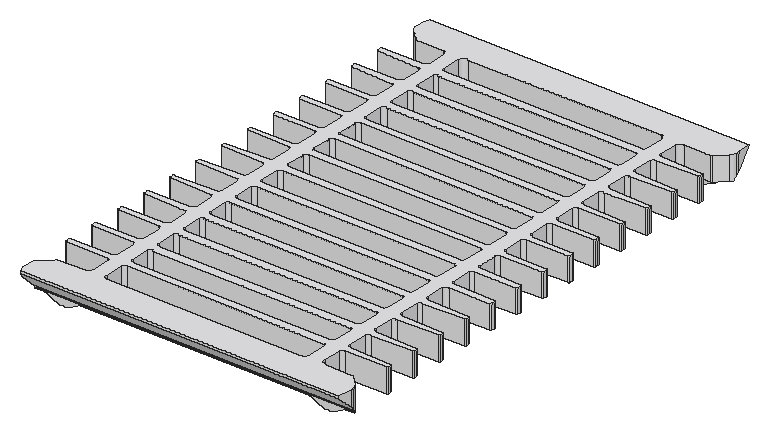
Revit family "Accessory-Sink_Rack-KOHLER-Tempered-K-5542", category Specialty Equipment, host Face, Revit 2022
Family settings
  Host = Face
  Round Connector Dimension = Use Diameter
  Part Type = Normal
  OmniClass Number = 23.31.13.17
  OmniClass Title = Sink Components
  Cut with Voids When Loaded = No
  Maintain Annotation Orientation = No
  Shared = No
  Room Calculation Point = No
Parameters (values of type "0-White")
  Width = 10"  # constant formula
  WaterSense Certified = 1 = 0  # no
  URL = "https://www.us.kohler.com/us/"
  Type = 1
  Product Page URL = "http://www.us.kohler.com/us/catalog/productDetails.jsp?productId=5542"
  Product Name = "Tempered"  # constant formula
  Product Documentation Link = "https://www.us.kohler.com/webassets/kpna/catalog/pdf/en/K-5542_spec_US-CA_Kohler_en.pdf"
  Model = if(Type = 1, "K-5542-0", if(Type = 2, "K-5542-DVG", "NA"))  # "K-5542-0"
  Material = "Plastic"  # constant formula
  Master Format 2014 Name = "Toilet, Bath, and Laundry Accessories"  # constant formula
  Master Format 2014 = "10 28 00"  # constant formula
  Manufacturer Address = "444 Highland Dr, Kohler, WI 53044"  # constant formula
  Manufacturer = "KOHLER Co."  # constant formula
  Length = 15 101/128"  # constant formula
  Height = 121/128"  # constant formula
  Finish = Kohler-Plastic-0-White
  Environmental Product Declaration = ""
  Description = "multipurpose grated rack"  # constant formula
  Default Elevation = 36"
  Declare Label = ""
  Date Modified = "03/08/2022"  # constant formula
  Date Created = "03/08/2022"  # constant formula
  Copyright = "Copyright KOHLER Co."  # constant formula
  Contact Us = "https://www.us.kohler.com/us/static/contact.jsp"
  Assembly Code = "C1030200"
  ADA Compliant = 1 = 0  # no
Reference planes (in)
  plane 1 "Center (Front/Back)": y = 0
  plane 2: z = 0
  plane 3 "Center (Left/Right)": x = 0
  plane 4: y = 7.8937
  plane 5: x = 4.99315
  plane 6: x = -5.00685
  plane 7: y = -7.89536
  plane 8: z = 0.94531
Dimensions and locks (in)
  "Width": plane 6 to plane 5
  "Length": plane 4 to plane 7
  "Height": plane 8 to plane 2
  aligned and locked: plane 2 to host face
  aligned and locked: level to host face
  aligned and locked: plane 3 "Center (Left/Right)" to nested 1
  aligned and locked: plane 1 "Center (Front/Back)" to nested 1
Automatic sketch dimensions
  host sketch curve to host sketch curve = 96"  (x2)
Nested families (in)
  nested 1: "K-5542" at (0, 0, 0), type "K-5542"
Definition of nested family "K-5542"
  Parameters (values of type "K-5542")
    Material = none
    Drying_Rack = yes
    Default Elevation = 0"
  Reference planes (in)
    plane 1 "Center (Front/Back)": y = 0
    plane 2: z = 0
    plane 3 "Center (Left/Right)": x = 0
    plane 4: x = -5.00608
    plane 5: x = 4.99315
    plane 6: y = 7.8937
    plane 7: y = 6.99621
    plane 8: x = -3.16698
    plane 9 "A": z = 0.94488
    plane 10: x = 3.16698
    plane 11: y = 5.53713
    plane 12: y = -6.99621
    plane 13: y = -7.8937
  Forms (in)
    Extrusion 1, solid, material <- "Material", detail levels medium+fine
      sketch origin (-5.695, 0, 5.16564) x (1, 0, 0) y (0, 1, 0)
        loop
          line (1.11065, 6.9636) -> (1.95309, 6.9485)
          arc (1.95309, 6.9485) -> (2.05639, 6.90407) -> (2.09895, 6.8) r 0.14852
          line (2.09895, 6.8) -> (2.09895, 6.25295)
          arc (2.09895, 6.25295) -> (2.07031, 6.18246) -> (2.00062, 6.15193) r 0.10106
          line (2.00062, 6.15193) -> (0.7231, 6.11741)
          arc (0.7231, 6.11741) -> (0.69888, 6.1068) -> (0.68892, 6.0823) r 0.03512
          line (0.68892, 6.0823) -> (0.68892, 5.99487)
          arc (0.68892, 5.99487) -> (0.69889, 5.97035) -> (0.72313, 5.95973) r 0.03516
          line (0.72313, 5.95973) -> (1.99312, 5.92542)
          arc (1.99312, 5.92542) -> (2.06813, 5.89256) -> (2.09895, 5.81669) r 0.10876
          line (2.09895, 5.81669) -> (2.09895, 5.2474)
          arc (2.09895, 5.2474) -> (2.07005, 5.17628) -> (1.99974, 5.14548) r 0.10196
          line (1.99974, 5.14548) -> (0.72313, 5.11099)
          arc (0.72313, 5.11099) -> (0.69889, 5.10036) -> (0.68892, 5.07584) r 0.03516
          line (0.68892, 5.07584) -> (0.68892, 4.98841)
          arc (0.68892, 4.98841) -> (0.69888, 4.96391) -> (0.7231, 4.9533) r 0.03512
          line (0.7231, 4.9533) -> (1.99974, 4.91881)
          arc (1.99974, 4.91881) -> (2.07005, 4.888) -> (2.09895, 4.81689) r 0.10196
          line (2.09895, 4.81689) -> (2.09895, 4.24759)
          arc (2.09895, 4.24759) -> (2.06813, 4.17173) -> (1.99312, 4.13887) r 0.10876
          line (1.99312, 4.13887) -> (0.72313, 4.10456)
          arc (0.72313, 4.10456) -> (0.69889, 4.09394) -> (0.68892, 4.06941) r 0.03516
          line (0.68892, 4.06941) -> (0.68892, 3.98198)
          arc (0.68892, 3.98198) -> (0.69888, 3.95748) -> (0.7231, 3.94687) r 0.03512
          line (0.7231, 3.94687) -> (2.00062, 3.91236)
          arc (2.00062, 3.91236) -> (2.07031, 3.88182) -> (2.09895, 3.81133) r 0.10106
          line (2.09895, 3.81133) -> (2.09895, 3.23454)
          arc (2.09895, 3.23454) -> (2.07005, 3.16343) -> (1.99974, 3.13262) r 0.10196
          line (1.99974, 3.13262) -> (0.7231, 3.09813)
          arc (0.7231, 3.09813) -> (0.69888, 3.08752) -> (0.68892, 3.06302) r 0.03512
          line (0.68892, 3.06302) -> (0.68892, 2.97559)
          arc (0.68892, 2.97559) -> (0.69889, 2.95106) -> (0.72313, 2.94044) r 0.03516
          line (0.72313, 2.94044) -> (1.99974, 2.90595)
          arc (1.99974, 2.90595) -> (2.07005, 2.87515) -> (2.09895, 2.80403) r 0.10196
          line (2.09895, 2.80403) -> (2.09895, 2.23474)
          arc (2.09895, 2.23474) -> (2.06813, 2.15887) -> (1.99312, 2.12601) r 0.10876
          line (1.99312, 2.12601) -> (0.72313, 2.0917)
          arc (0.72313, 2.0917) -> (0.69889, 2.08108) -> (0.68892, 2.05656) r 0.03516
          line (0.68892, 2.05656) -> (0.68892, 1.96913)
          arc (0.68892, 1.96913) -> (0.69888, 1.94463) -> (0.7231, 1.93401) r 0.03512
          line (0.7231, 1.93401) -> (2.00062, 1.8995)
          arc (2.00062, 1.8995) -> (2.07031, 1.86897) -> (2.09895, 1.79848) r 0.10106
          line (2.09895, 1.79848) -> (2.09895, 1.22169)
          arc (2.09895, 1.22169) -> (2.07005, 1.15057) -> (1.99974, 1.11976) r 0.10196
          line (1.99974, 1.11976) -> (0.72313, 1.08527)
          arc (0.72313, 1.08527) -> (0.69889, 1.07465) -> (0.68892, 1.05013) r 0.03516
          line (0.68892, 1.05013) -> (0.68892, 0.9627)
          arc (0.68892, 0.9627) -> (0.69888, 0.9382) -> (0.7231, 0.92759) r 0.03512
          line (0.7231, 0.92759) -> (1.99974, 0.8931)
          arc (1.99974, 0.8931) -> (2.07005, 0.86229) -> (2.09895, 0.79117) r 0.10196
          line (2.09895, 0.79117) -> (2.09895, 0.21438)
          arc (2.09895, 0.21438) -> (2.07031, 0.14389) -> (2.00062, 0.11336) r 0.10106
          line (2.00062, 0.11336) -> (0.7231, 0.07884)
          arc (0.7231, 0.07884) -> (0.69888, 0.06823) -> (0.68892, 0.04373) r 0.03512
          line (0.68892, 0.04373) -> (0.68892, -0.04373)
          arc (0.68892, -0.04373) -> (0.69888, -0.06823) -> (0.7231, -0.07884) r 0.03512
          line (0.7231, -0.07884) -> (2.00062, -0.11336)
          arc (2.00062, -0.11336) -> (2.07031, -0.14389) -> (2.09895, -0.21438) r 0.10106
          line (2.09895, -0.21438) -> (2.09895, -0.79117)
          arc (2.09895, -0.79117) -> (2.07005, -0.86229) -> (1.99974, -0.8931) r 0.10196
          line (1.99974, -0.8931) -> (0.7231, -0.92759)
          arc (0.7231, -0.92759) -> (0.69888, -0.9382) -> (0.68892, -0.9627) r 0.03512
          line (0.68892, -0.9627) -> (0.68892, -1.05013)
          arc (0.68892, -1.05013) -> (0.69889, -1.07465) -> (0.72313, -1.08527) r 0.03516
          line (0.72313, -1.08527) -> (1.99974, -1.11976)
          arc (1.99974, -1.11976) -> (2.07005, -1.15057) -> (2.09895, -1.22169) r 0.10196
          line (2.09895, -1.22169) -> (2.09895, -1.79848)
          arc (2.09895, -1.79848) -> (2.07031, -1.86897) -> (2.00062, -1.8995) r 0.10106
          line (2.00062, -1.8995) -> (0.7231, -1.93401)
          arc (0.7231, -1.93401) -> (0.69888, -1.94463) -> (0.68892, -1.96913) r 0.03512
          line (0.68892, -1.96913) -> (0.68892, -2.05656)
          arc (0.68892, -2.05656) -> (0.69889, -2.08108) -> (0.72313, -2.0917) r 0.03516
          line (0.72313, -2.0917) -> (1.99312, -2.12601)
          arc (1.99312, -2.12601) -> (2.06813, -2.15887) -> (2.09895, -2.23474) r 0.10876
          line (2.09895, -2.23474) -> (2.09895, -2.80403)
          arc (2.09895, -2.80403) -> (2.07005, -2.87515) -> (1.99974, -2.90595) r 0.10196
          line (1.99974, -2.90595) -> (0.72313, -2.94044)
          arc (0.72313, -2.94044) -> (0.69889, -2.95106) -> (0.68892, -2.97559) r 0.03516
          line (0.68892, -2.97559) -> (0.68892, -3.06302)
          arc (0.68892, -3.06302) -> (0.69888, -3.08752) -> (0.7231, -3.09813) r 0.03512
          line (0.7231, -3.09813) -> (1.99974, -3.13262)
          arc (1.99974, -3.13262) -> (2.07005, -3.16343) -> (2.09895, -3.23454) r 0.10196
          line (2.09895, -3.23454) -> (2.09895, -3.81133)
          arc (2.09895, -3.81133) -> (2.07031, -3.88182) -> (2.00062, -3.91236) r 0.10106
          line (2.00062, -3.91236) -> (0.7231, -3.94687)
          arc (0.7231, -3.94687) -> (0.69888, -3.95748) -> (0.68892, -3.98198) r 0.03512
          line (0.68892, -3.98198) -> (0.68892, -4.06941)
          arc (0.68892, -4.06941) -> (0.69889, -4.09394) -> (0.72313, -4.10456) r 0.03516
          line (0.72313, -4.10456) -> (1.99312, -4.13887)
          arc (1.99312, -4.13887) -> (2.06813, -4.17173) -> (2.09895, -4.24759) r 0.10876
          line (2.09895, -4.24759) -> (2.09895, -4.81689)
          arc (2.09895, -4.81689) -> (2.07005, -4.888) -> (1.99974, -4.91881) r 0.10196
          line (1.99974, -4.91881) -> (0.7231, -4.9533)
          arc (0.7231, -4.9533) -> (0.69888, -4.96391) -> (0.68892, -4.98841) r 0.03512
          line (0.68892, -4.98841) -> (0.68892, -5.07584)
          arc (0.68892, -5.07584) -> (0.69889, -5.10036) -> (0.72313, -5.11099) r 0.03516
          line (0.72313, -5.11099) -> (1.99974, -5.14548)
          arc (1.99974, -5.14548) -> (2.07005, -5.17628) -> (2.09895, -5.2474) r 0.10196
          line (2.09895, -5.2474) -> (2.09895, -5.81669)
          arc (2.09895, -5.81669) -> (2.06813, -5.89256) -> (1.99312, -5.92542) r 0.10876
          line (1.99312, -5.92542) -> (0.72921, -5.95956)
          arc (0.72921, -5.95956) -> (0.70496, -5.97019) -> (0.695, -5.99471) r 0.03516
          line (0.695, -5.99471) -> (0.695, -6.08247)
          arc (0.695, -6.08247) -> (0.70495, -6.10697) -> (0.72918, -6.11758) r 0.03512
          line (0.72918, -6.11758) -> (2.00062, -6.15193)
          arc (2.00062, -6.15193) -> (2.07031, -6.18246) -> (2.09895, -6.25295) r 0.10106
          line (2.09895, -6.25295) -> (2.09895, -6.8)
          arc (2.09895, -6.8) -> (2.05639, -6.90407) -> (1.95309, -6.9485) r 0.14852
          line (1.95309, -6.9485) -> (1.11065, -6.9636)
          arc (1.11065, -6.9636) -> (1.0931, -6.96734) -> (1.07823, -6.97737) r 0.04705
          line (1.07823, -6.97737) -> (0.77617, -7.27943)
          arc (0.77617, -7.27943) -> (0.72603, -7.34789) -> (0.69888, -7.42829) r 0.27797
          arc (0.69888, -7.42829) -> (0.68753, -7.68567) -> (0.74189, -7.9375) r 1.00645
          line (0.74189, -7.9375) -> (10.64137, -7.9375)
          arc (10.64137, -7.9375) -> (10.6721, -7.72924) -> (10.68515, -7.51913) r 2.49283
          arc (10.68515, -7.51913) -> (10.68386, -7.47355) -> (10.6782, -7.42829) r 0.47474
          arc (10.6782, -7.42829) -> (10.65105, -7.34789) -> (10.60091, -7.27943) r 0.27797
          line (10.60091, -7.27943) -> (10.29885, -6.97737)
          arc (10.29885, -6.97737) -> (10.28398, -6.96734) -> (10.26643, -6.9636) r 0.04705
          line (10.26643, -6.9636) -> (9.42399, -6.9485)
          arc (9.42399, -6.9485) -> (9.32069, -6.90407) -> (9.27813, -6.8) r 0.14852
          line (9.27813, -6.8) -> (9.27813, -6.25295)
          arc (9.27813, -6.25295) -> (9.30677, -6.18246) -> (9.37646, -6.15193) r 0.10106
          line (9.37646, -6.15193) -> (10.65398, -6.11741)
          arc (10.65398, -6.11741) -> (10.6782, -6.1068) -> (10.68815, -6.0823) r 0.03512
          line (10.68815, -6.0823) -> (10.68815, -5.99487)
          arc (10.68815, -5.99487) -> (10.67819, -5.97035) -> (10.65395, -5.95973) r 0.03516
          line (10.65395, -5.95973) -> (9.38464, -5.92544)
          arc (9.38464, -5.92544) -> (9.30912, -5.89284) -> (9.27802, -5.81669) r 0.10876
          line (9.27802, -5.81669) -> (9.27802, -5.2474)
          arc (9.27802, -5.2474) -> (9.30692, -5.17628) -> (9.37723, -5.14548) r 0.10196
          line (9.37723, -5.14548) -> (10.65384, -5.11099)
          arc (10.65384, -5.11099) -> (10.67808, -5.10036) -> (10.68805, -5.07584) r 0.03516
          line (10.68805, -5.07584) -> (10.68805, -4.98841)
          arc (10.68805, -4.98841) -> (10.67809, -4.96391) -> (10.65387, -4.9533) r 0.03512
          line (10.65387, -4.9533) -> (9.37723, -4.91881)
          arc (9.37723, -4.91881) -> (9.30692, -4.888) -> (9.27802, -4.81689) r 0.10196
          line (9.27802, -4.81689) -> (9.27802, -4.24759)
          arc (9.27802, -4.24759) -> (9.30912, -4.17145) -> (9.38464, -4.13885) r 0.10876
          line (9.38464, -4.13885) -> (10.65395, -4.10456)
          arc (10.65395, -4.10456) -> (10.67819, -4.09394) -> (10.68815, -4.06941) r 0.03516
          line (10.68815, -4.06941) -> (10.68815, -3.98198)
          arc (10.68815, -3.98198) -> (10.6782, -3.95748) -> (10.65398, -3.94687) r 0.03512
          line (10.65398, -3.94687) -> (9.37646, -3.91236)
          arc (9.37646, -3.91236) -> (9.30677, -3.88182) -> (9.27813, -3.81133) r 0.10106
          line (9.27813, -3.81133) -> (9.27802, -3.23454)
          arc (9.27802, -3.23454) -> (9.30692, -3.16343) -> (9.37723, -3.13262) r 0.10196
          line (9.37723, -3.13262) -> (10.65387, -3.09813)
          arc (10.65387, -3.09813) -> (10.67809, -3.08752) -> (10.68805, -3.06302) r 0.03512
          line (10.68805, -3.06302) -> (10.68805, -2.97559)
          arc (10.68805, -2.97559) -> (10.67808, -2.95106) -> (10.65384, -2.94044) r 0.03516
          line (10.65384, -2.94044) -> (9.37723, -2.90595)
          arc (9.37723, -2.90595) -> (9.30692, -2.87515) -> (9.27802, -2.80403) r 0.10196
          line (9.27802, -2.80403) -> (9.27802, -2.23474)
          arc (9.27802, -2.23474) -> (9.30912, -2.15859) -> (9.38464, -2.12599) r 0.10876
          line (9.38464, -2.12599) -> (10.65395, -2.0917)
          arc (10.65395, -2.0917) -> (10.67819, -2.08108) -> (10.68815, -2.05656) r 0.03516
          line (10.68815, -2.05656) -> (10.68815, -1.96913)
          arc (10.68815, -1.96913) -> (10.6782, -1.94463) -> (10.65398, -1.93401) r 0.03512
          line (10.65398, -1.93401) -> (9.37646, -1.8995)
          arc (9.37646, -1.8995) -> (9.30677, -1.86897) -> (9.27813, -1.79848) r 0.10106
          line (9.27813, -1.79848) -> (9.27802, -1.22169)
          arc (9.27802, -1.22169) -> (9.30692, -1.15057) -> (9.37723, -1.11976) r 0.10196
          line (9.37723, -1.11976) -> (10.65384, -1.08527)
          arc (10.65384, -1.08527) -> (10.67808, -1.07465) -> (10.68805, -1.05013) r 0.03516
          line (10.68805, -1.05013) -> (10.68805, -0.9627)
          arc (10.68805, -0.9627) -> (10.67809, -0.9382) -> (10.65387, -0.92759) r 0.03512
          line (10.65387, -0.92759) -> (9.37723, -0.8931)
          arc (9.37723, -0.8931) -> (9.30692, -0.86229) -> (9.27802, -0.79117) r 0.10196
          line (9.27802, -0.79117) -> (9.27802, -0.21438)
          arc (9.27802, -0.21438) -> (9.30677, -0.14389) -> (9.37646, -0.11336) r 0.10106
          line (9.37646, -0.11336) -> (10.65398, -0.07884)
          arc (10.65398, -0.07884) -> (10.6782, -0.06823) -> (10.68815, -0.04373) r 0.03512
          line (10.68815, -0.04373) -> (10.68815, 0.04373)
          arc (10.68815, 0.04373) -> (10.6782, 0.06823) -> (10.65398, 0.07884) r 0.03512
          line (10.65398, 0.07884) -> (9.37646, 0.11336)
          arc (9.37646, 0.11336) -> (9.30677, 0.14389) -> (9.27813, 0.21438) r 0.10106
          line (9.27813, 0.21438) -> (9.27802, 0.79117)
          arc (9.27802, 0.79117) -> (9.30692, 0.86229) -> (9.37723, 0.8931) r 0.10196
          line (9.37723, 0.8931) -> (10.65387, 0.92759)
          arc (10.65387, 0.92759) -> (10.67809, 0.9382) -> (10.68805, 0.9627) r 0.03512
          line (10.68805, 0.9627) -> (10.68805, 1.05013)
          arc (10.68805, 1.05013) -> (10.67808, 1.07465) -> (10.65384, 1.08527) r 0.03516
          line (10.65384, 1.08527) -> (9.37723, 1.11976)
          arc (9.37723, 1.11976) -> (9.30692, 1.15057) -> (9.27802, 1.22169) r 0.10196
          line (9.27802, 1.22169) -> (9.27802, 1.79848)
          arc (9.27802, 1.79848) -> (9.30677, 1.86897) -> (9.37646, 1.8995) r 0.10106
          line (9.37646, 1.8995) -> (10.65398, 1.93401)
          arc (10.65398, 1.93401) -> (10.6782, 1.94463) -> (10.68815, 1.96913) r 0.03512
          line (10.68815, 1.96913) -> (10.68815, 2.05656)
          arc (10.68815, 2.05656) -> (10.67819, 2.08108) -> (10.65395, 2.0917) r 0.03516
          line (10.65395, 2.0917) -> (9.38464, 2.12599)
          arc (9.38464, 2.12599) -> (9.30912, 2.15859) -> (9.27802, 2.23474) r 0.10876
          line (9.27802, 2.23474) -> (9.27802, 2.80403)
          arc (9.27802, 2.80403) -> (9.30692, 2.87515) -> (9.37723, 2.90595) r 0.10196
          line (9.37723, 2.90595) -> (10.65384, 2.94044)
          arc (10.65384, 2.94044) -> (10.67808, 2.95106) -> (10.68805, 2.97559) r 0.03516
          line (10.68805, 2.97559) -> (10.68805, 3.06302)
          arc (10.68805, 3.06302) -> (10.67809, 3.08752) -> (10.65387, 3.09813) r 0.03512
          line (10.65387, 3.09813) -> (9.37723, 3.13262)
          arc (9.37723, 3.13262) -> (9.30692, 3.16343) -> (9.27802, 3.23454) r 0.10196
          line (9.27802, 3.23454) -> (9.27802, 3.81133)
          arc (9.27802, 3.81133) -> (9.30677, 3.88182) -> (9.37646, 3.91236) r 0.10106
          line (9.37646, 3.91236) -> (10.65398, 3.94687)
          arc (10.65398, 3.94687) -> (10.6782, 3.95748) -> (10.68815, 3.98198) r 0.03512
          line (10.68815, 3.98198) -> (10.68815, 4.06941)
          arc (10.68815, 4.06941) -> (10.67819, 4.09394) -> (10.65395, 4.10456) r 0.03516
          line (10.65395, 4.10456) -> (9.38464, 4.13885)
          arc (9.38464, 4.13885) -> (9.30912, 4.17145) -> (9.27802, 4.24759) r 0.10876
          line (9.27802, 4.24759) -> (9.27802, 4.81689)
          arc (9.27802, 4.81689) -> (9.30692, 4.888) -> (9.37723, 4.91881) r 0.10196
          line (9.37723, 4.91881) -> (10.65387, 4.9533)
          arc (10.65387, 4.9533) -> (10.67809, 4.96391) -> (10.68805, 4.98841) r 0.03512
          line (10.68805, 4.98841) -> (10.68805, 5.07584)
          arc (10.68805, 5.07584) -> (10.67808, 5.10036) -> (10.65384, 5.11099) r 0.03516
          line (10.65384, 5.11099) -> (9.37723, 5.14548)
          arc (9.37723, 5.14548) -> (9.30692, 5.17628) -> (9.27802, 5.2474) r 0.10196
          line (9.27802, 5.2474) -> (9.27802, 5.81669)
          arc (9.27802, 5.81669) -> (9.30885, 5.89256) -> (9.38385, 5.92542) r 0.10876
          line (9.38385, 5.92542) -> (10.65395, 5.95973)
          arc (10.65395, 5.95973) -> (10.67819, 5.97035) -> (10.68815, 5.99487) r 0.03516
          line (10.68815, 5.99487) -> (10.68815, 6.0823)
          arc (10.68815, 6.0823) -> (10.6782, 6.1068) -> (10.65398, 6.11741) r 0.03512
          line (10.65398, 6.11741) -> (9.37646, 6.15193)
          arc (9.37646, 6.15193) -> (9.30677, 6.18246) -> (9.27813, 6.25295) r 0.10106
          line (9.27813, 6.25295) -> (9.27813, 6.8)
          arc (9.27813, 6.8) -> (9.32069, 6.90407) -> (9.42399, 6.9485) r 0.14852
          line (9.42399, 6.9485) -> (10.26643, 6.9636)
          arc (10.26643, 6.9636) -> (10.28398, 6.96734) -> (10.29885, 6.97737) r 0.04705
          line (10.29885, 6.97737) -> (10.60091, 7.27943)
          arc (10.60091, 7.27943) -> (10.65105, 7.34789) -> (10.6782, 7.42829) r 0.27797
          arc (10.6782, 7.42829) -> (10.68386, 7.47355) -> (10.68515, 7.51913) r 0.47474
          arc (10.68515, 7.51913) -> (10.6721, 7.72924) -> (10.64137, 7.9375) r 2.49283
          line (10.64137, 7.9375) -> (0.74189, 7.9375)
          arc (0.74189, 7.9375) -> (0.68753, 7.68567) -> (0.69888, 7.42829) r 1.00645
          arc (0.69888, 7.42829) -> (0.72603, 7.34789) -> (0.77617, 7.27943) r 0.27797
          line (0.77617, 7.27943) -> (1.07823, 6.97737)
          arc (1.07823, 6.97737) -> (1.0931, 6.96734) -> (1.11065, 6.9636) r 0.04705
        loop
          line (8.66979, 6.99621) -> (2.69948, 6.99621)
          arc (2.69948, 6.99621) -> (2.57824, 6.94599) -> (2.52802, 6.82475) r 0.17146
          line (2.52802, 6.82475) -> (2.52802, 6.26772)
          arc (2.52802, 6.26772) -> (2.56033, 6.18972) -> (2.63834, 6.1574) r 0.11032
          line (2.63834, 6.1574) -> (8.75166, 6.1574)
          arc (8.75166, 6.1574) -> (8.82046, 6.1859) -> (8.84895, 6.25469) r 0.09729
          line (8.84895, 6.25469) -> (8.84895, 6.81705)
          arc (8.84895, 6.81705) -> (8.79648, 6.94374) -> (8.66979, 6.99621) r 0.17917
        loop
          arc (2.62926, 5.91974) -> (2.55767, 5.89009) -> (2.52802, 5.8185) r 0.10124
          line (2.52802, 5.8185) -> (2.52802, 5.25575)
          arc (2.52802, 5.25575) -> (2.55871, 5.18167) -> (2.6328, 5.15098) r 0.10478
          line (2.6328, 5.15098) -> (8.74949, 5.15098)
          arc (8.74949, 5.15098) -> (8.81982, 5.18011) -> (8.84895, 5.25044) r 0.09946
          line (8.84895, 5.25044) -> (8.84895, 5.82164)
          arc (8.84895, 5.82164) -> (8.82022, 5.89101) -> (8.75086, 5.91974) r 0.0981
          line (8.75086, 5.91974) -> (2.62926, 5.91974)
        loop
          arc (2.63834, 3.90688) -> (2.56033, 3.87457) -> (2.52802, 3.79656) r 0.11032
          line (2.52802, 3.79656) -> (2.52802, 3.2429)
          arc (2.52802, 3.2429) -> (2.55871, 3.16881) -> (2.6328, 3.13812) r 0.10478
          line (2.6328, 3.13812) -> (8.74949, 3.13812)
          arc (8.74949, 3.13812) -> (8.81982, 3.16725) -> (8.84895, 3.23758) r 0.09946
          line (8.84895, 3.23758) -> (8.84895, 3.80959)
          arc (8.84895, 3.80959) -> (8.82046, 3.87839) -> (8.75166, 3.90688) r 0.09729
          line (8.75166, 3.90688) -> (2.63834, 3.90688)
        loop
          line (2.62926, 4.14455) -> (8.75086, 4.14455)
          arc (8.75086, 4.14455) -> (8.82022, 4.17328) -> (8.84895, 4.24264) r 0.0981
          line (8.84895, 4.24264) -> (8.84895, 4.81385)
          arc (8.84895, 4.81385) -> (8.81982, 4.88418) -> (8.74949, 4.91331) r 0.09946
          line (8.74949, 4.91331) -> (2.6328, 4.91331)
          arc (2.6328, 4.91331) -> (2.55871, 4.88262) -> (2.52802, 4.80853) r 0.10478
          line (2.52802, 4.80853) -> (2.52802, 4.24579)
          arc (2.52802, 4.24579) -> (2.55767, 4.1742) -> (2.62926, 4.14455) r 0.10124
        loop
          arc (2.63834, 1.89402) -> (2.56033, 1.86171) -> (2.52802, 1.78371) r 0.11032
          line (2.52802, 1.78371) -> (2.52802, 1.23004)
          arc (2.52802, 1.23004) -> (2.55871, 1.15595) -> (2.6328, 1.12526) r 0.10478
          line (2.6328, 1.12526) -> (8.74949, 1.12526)
          arc (8.74949, 1.12526) -> (8.81982, 1.15439) -> (8.84895, 1.22473) r 0.09946
          line (8.84895, 1.22473) -> (8.84895, 1.79673)
          arc (8.84895, 1.79673) -> (8.82046, 1.86553) -> (8.75166, 1.89402) r 0.09729
          line (8.75166, 1.89402) -> (2.63834, 1.89402)
        loop
          line (2.62926, 2.13169) -> (8.75086, 2.13169)
          arc (8.75086, 2.13169) -> (8.82022, 2.16042) -> (8.84895, 2.22979) r 0.0981
          line (8.84895, 2.22979) -> (8.84895, 2.80099)
          arc (8.84895, 2.80099) -> (8.81982, 2.87132) -> (8.74949, 2.90045) r 0.09946
          line (8.74949, 2.90045) -> (2.6328, 2.90045)
          arc (2.6328, 2.90045) -> (2.55871, 2.86976) -> (2.52802, 2.79567) r 0.10478
          line (2.52802, 2.79567) -> (2.52802, 2.23293)
          arc (2.52802, 2.23293) -> (2.55767, 2.16134) -> (2.62926, 2.13169) r 0.10124
        loop
          line (2.63834, 0.11883) -> (8.75166, 0.11883)
          arc (8.75166, 0.11883) -> (8.82046, 0.14733) -> (8.84895, 0.21612) r 0.09729
          line (8.84895, 0.21612) -> (8.84895, 0.78813)
          arc (8.84895, 0.78813) -> (8.81982, 0.85846) -> (8.74949, 0.8876) r 0.09946
          line (8.74949, 0.8876) -> (2.6328, 0.8876)
          arc (2.6328, 0.8876) -> (2.55871, 0.85691) -> (2.52802, 0.78282) r 0.10478
          line (2.52802, 0.78282) -> (2.52802, 0.22915)
          arc (2.52802, 0.22915) -> (2.56033, 0.15114) -> (2.63834, 0.11883) r 0.11032
        loop
          arc (2.52802, -6.82475) -> (2.57824, -6.94599) -> (2.69948, -6.99621) r 0.17146
          line (2.69948, -6.99621) -> (8.66979, -6.99621)
          arc (8.66979, -6.99621) -> (8.79648, -6.94374) -> (8.84895, -6.81705) r 0.17917
          line (8.84895, -6.81705) -> (8.84895, -6.25469)
          arc (8.84895, -6.25469) -> (8.82046, -6.1859) -> (8.75166, -6.1574) r 0.09729
          line (8.75166, -6.1574) -> (2.63834, -6.1574)
          arc (2.63834, -6.1574) -> (2.56033, -6.18972) -> (2.52802, -6.26772) r 0.11032
          line (2.52802, -6.26772) -> (2.52802, -6.82475)
        loop
          line (2.62926, -5.91974) -> (8.75086, -5.91974)
          arc (8.75086, -5.91974) -> (8.82022, -5.89101) -> (8.84895, -5.82164) r 0.0981
          line (8.84895, -5.82164) -> (8.84895, -5.25044)
          arc (8.84895, -5.25044) -> (8.81982, -5.18011) -> (8.74949, -5.15098) r 0.09946
          line (8.74949, -5.15098) -> (2.6328, -5.15098)
          arc (2.6328, -5.15098) -> (2.55871, -5.18167) -> (2.52802, -5.25575) r 0.10478
          line (2.52802, -5.25575) -> (2.52802, -5.8185)
          arc (2.52802, -5.8185) -> (2.55767, -5.89009) -> (2.62926, -5.91974) r 0.10124
        loop
          line (2.63834, -3.90688) -> (8.75166, -3.90688)
          arc (8.75166, -3.90688) -> (8.82046, -3.87839) -> (8.84895, -3.80959) r 0.09729
          line (8.84895, -3.80959) -> (8.84895, -3.23758)
          arc (8.84895, -3.23758) -> (8.81982, -3.16725) -> (8.74949, -3.13812) r 0.09946
          line (8.74949, -3.13812) -> (2.6328, -3.13812)
          arc (2.6328, -3.13812) -> (2.55871, -3.16881) -> (2.52802, -3.2429) r 0.10478
          line (2.52802, -3.2429) -> (2.52802, -3.79656)
          arc (2.52802, -3.79656) -> (2.56033, -3.87457) -> (2.63834, -3.90688) r 0.11032
        loop
          arc (2.62926, -4.14455) -> (2.55767, -4.1742) -> (2.52802, -4.24579) r 0.10124
          line (2.52802, -4.24579) -> (2.52802, -4.80853)
          arc (2.52802, -4.80853) -> (2.55871, -4.88262) -> (2.6328, -4.91331) r 0.10478
          line (2.6328, -4.91331) -> (8.74949, -4.91331)
          arc (8.74949, -4.91331) -> (8.81982, -4.88418) -> (8.84895, -4.81385) r 0.09946
          line (8.84895, -4.81385) -> (8.84895, -4.24264)
          arc (8.84895, -4.24264) -> (8.82022, -4.17328) -> (8.75086, -4.14455) r 0.0981
          line (8.75086, -4.14455) -> (2.62926, -4.14455)
        loop
          line (2.63834, -1.89402) -> (8.75166, -1.89402)
          arc (8.75166, -1.89402) -> (8.82046, -1.86553) -> (8.84895, -1.79673) r 0.09729
          line (8.84895, -1.79673) -> (8.84895, -1.22473)
          arc (8.84895, -1.22473) -> (8.81982, -1.15439) -> (8.74949, -1.12526) r 0.09946
          line (8.74949, -1.12526) -> (2.6328, -1.12526)
          arc (2.6328, -1.12526) -> (2.55871, -1.15595) -> (2.52802, -1.23004) r 0.10478
          line (2.52802, -1.23004) -> (2.52802, -1.78371)
          arc (2.52802, -1.78371) -> (2.56033, -1.86171) -> (2.63834, -1.89402) r 0.11032
        loop
          arc (2.62926, -2.13169) -> (2.55767, -2.16134) -> (2.52802, -2.23293) r 0.10124
          line (2.52802, -2.23293) -> (2.52802, -2.79567)
          arc (2.52802, -2.79567) -> (2.55871, -2.86976) -> (2.6328, -2.90045) r 0.10478
          line (2.6328, -2.90045) -> (8.74949, -2.90045)
          arc (8.74949, -2.90045) -> (8.81982, -2.87132) -> (8.84895, -2.80099) r 0.09946
          line (8.84895, -2.80099) -> (8.84895, -2.22979)
          arc (8.84895, -2.22979) -> (8.82022, -2.16042) -> (8.75086, -2.13169) r 0.0981
          line (8.75086, -2.13169) -> (2.62926, -2.13169)
        loop
          arc (2.63834, -0.11883) -> (2.56033, -0.15114) -> (2.52802, -0.22915) r 0.11032
          line (2.52802, -0.22915) -> (2.52802, -0.78282)
          arc (2.52802, -0.78282) -> (2.55871, -0.85691) -> (2.6328, -0.8876) r 0.10478
          line (2.6328, -0.8876) -> (8.74949, -0.8876)
          arc (8.74949, -0.8876) -> (8.81982, -0.85846) -> (8.84895, -0.78813) r 0.09946
          line (8.84895, -0.78813) -> (8.84895, -0.21612)
          arc (8.84895, -0.21612) -> (8.82046, -0.14733) -> (8.75166, -0.11883) r 0.09729
          line (8.75166, -0.11883) -> (2.63834, -0.11883)
      from -4.95926 to -4.22076
    Extrusion 2, void
      sketch origin (-5.695, 0.0123, 5.16564) x (0, 1, 0) y (0, 0, 1)
        loop
          arc (-7.35928, -4.93489) -> (-7.36524, -4.90496) -> (-7.38219, -4.87958) r 0.07822
          line (-7.38219, -4.87958) -> (-8.00572, -4.25605) -> (-8.00572, -4.99858) -> (-7.35928, -4.99858) -> (-7.35928, -4.93489)
        loop
          line (7.33467, -4.93489) -> (7.33467, -4.99858) -> (7.98112, -4.99858) -> (7.98112, -4.25605) -> (7.35758, -4.87958)
          arc (7.35758, -4.87958) -> (7.34063, -4.90496) -> (7.33467, -4.93489) r 0.07822
      from 0 to 12
    Extrusion 3, solid, material <- "Material", detail levels medium+fine
      sketch origin (0, 0, 0) x (1, 0, 0) y (0, 0, 1)
        loop
          line (4.06933, 0) -> (4.16, 0)
          arc (4.16, 0) -> (4.19173, 0.00197) -> (4.22298, 0.00785) r 0.25656
          arc (4.22298, 0.00785) -> (4.41938, 0.07654) -> (4.60063, 0.17872) r 1.17785
          arc (4.60063, 0.17872) -> (4.64311, 0.19931) -> (4.68978, 0.20639) r 0.15748
          line (4.68978, 0.20639) -> (3.53963, 0.20639)
          arc (3.53963, 0.20639) -> (3.5863, 0.19931) -> (3.62878, 0.17872) r 0.15748
          arc (3.62878, 0.17872) -> (3.81008, 0.07652) -> (4.00653, 0.00783) r 1.17785
          arc (4.00653, 0.00783) -> (4.03769, 0.00196) -> (4.06933, 0) r 0.25591
        loop
          arc (-4.06933, 0) -> (-4.03769, 0.00196) -> (-4.00653, 0.00783) r 0.25591
          arc (-4.00653, 0.00783) -> (-3.81008, 0.07652) -> (-3.62878, 0.17872) r 1.17785
          arc (-3.62878, 0.17872) -> (-3.5863, 0.19931) -> (-3.53963, 0.20639) r 0.15748
          line (-3.53963, 0.20639) -> (-4.68978, 0.20639)
          arc (-4.68978, 0.20639) -> (-4.64311, 0.19931) -> (-4.60063, 0.17872) r 0.15748
          arc (-4.60063, 0.17872) -> (-4.41938, 0.07654) -> (-4.22298, 0.00785) r 1.17785
          arc (-4.22298, 0.00785) -> (-4.19173, 0.00197) -> (-4.16, 0) r 0.25656
          line (-4.16, 0) -> (-4.06933, 0)
      from 6.99621 to 7.34698
    Extrusion 4, solid, material <- "Material", detail levels medium+fine
      sketch origin (0, 0, 0) x (1, 0, 0) y (0, 0, -1)
        loop
          arc (4.06933, 0) -> (4.03769, -0.00196) -> (4.00653, -0.00783) r 0.25591
          arc (4.00653, -0.00783) -> (3.81008, -0.07652) -> (3.62878, -0.17872) r 1.17785
          arc (3.62878, -0.17872) -> (3.5863, -0.19931) -> (3.53963, -0.20639) r 0.15748
          line (3.53963, -0.20639) -> (4.68978, -0.20639)
          arc (4.68978, -0.20639) -> (4.64311, -0.19931) -> (4.60063, -0.17872) r 0.15748
          arc (4.60063, -0.17872) -> (4.41938, -0.07654) -> (4.22298, -0.00785) r 1.17785
          arc (4.22298, -0.00785) -> (4.19173, -0.00197) -> (4.16, 0) r 0.25656
          line (4.16, 0) -> (4.06933, 0)
        loop
          line (-4.06933, 0) -> (-4.16, 0)
          arc (-4.16, 0) -> (-4.19173, -0.00197) -> (-4.22298, -0.00785) r 0.25656
          arc (-4.22298, -0.00785) -> (-4.41938, -0.07654) -> (-4.60063, -0.17872) r 1.17785
          arc (-4.60063, -0.17872) -> (-4.64311, -0.19931) -> (-4.68978, -0.20639) r 0.15748
          line (-4.68978, -0.20639) -> (-3.53963, -0.20639)
          arc (-3.53963, -0.20639) -> (-3.5863, -0.19931) -> (-3.62878, -0.17872) r 0.15748
          arc (-3.62878, -0.17872) -> (-3.81008, -0.07652) -> (-4.00653, -0.00783) r 1.17785
          arc (-4.00653, -0.00783) -> (-4.03769, -0.00196) -> (-4.06933, 0) r 0.25591
      from 6.99621 to 7.34698
    Extrusion 5, solid, material <- "Material", detail levels coarse
      sketch origin (0, 0, 0) x (1, 0, 0) y (0, 1, 0)
        loop
          line (-5.00608, 7.9375) -> (-5.00608, -7.9375) -> (4.99315, -7.9375) -> (4.99315, 7.9375) -> (-5.00608, 7.9375)
      from 0 to 0.94488
  Cuts and joins
    Extrusion 2 cuts Extrusion 1
    joined: Extrusion 1, Extrusion 3, Extrusion 4
  Lines and regions (in)
    Masking region 1, visible <- "Drying_Rack"
      outline origin (0, 0, 5.07874) x (-1, 0, 0) y (0, -1, 0)
        loop
          line (4.58435, -6.9636) -> (3.74191, -6.9485)
          arc (3.74191, -6.9485) -> (3.63861, -6.90407) -> (3.59605, -6.8) r 0.14852
          line (3.59605, -6.8) -> (3.59605, -6.25295)
          arc (3.59605, -6.25295) -> (3.62469, -6.18246) -> (3.69438, -6.15193) r 0.10106
          line (3.69438, -6.15193) -> (4.9719, -6.11741)
          arc (4.9719, -6.11741) -> (4.99612, -6.1068) -> (5.00608, -6.0823) r 0.03512
          line (5.00608, -6.0823) -> (5.00608, -5.99487)
          arc (5.00608, -5.99487) -> (4.99611, -5.97035) -> (4.97187, -5.95973) r 0.03516
          line (4.97187, -5.95973) -> (3.70188, -5.92542)
          arc (3.70188, -5.92542) -> (3.62687, -5.89256) -> (3.59605, -5.81669) r 0.10876
          line (3.59605, -5.81669) -> (3.59605, -5.2474)
          arc (3.59605, -5.2474) -> (3.62495, -5.17628) -> (3.69526, -5.14548) r 0.10196
          line (3.69526, -5.14548) -> (4.97187, -5.11099)
          arc (4.97187, -5.11099) -> (4.99611, -5.10036) -> (5.00608, -5.07584) r 0.03516
          line (5.00608, -5.07584) -> (5.00608, -4.98841)
          arc (5.00608, -4.98841) -> (4.99612, -4.96391) -> (4.9719, -4.9533) r 0.03512
          line (4.9719, -4.9533) -> (3.69526, -4.91881)
          arc (3.69526, -4.91881) -> (3.62495, -4.888) -> (3.59605, -4.81689) r 0.10196
          line (3.59605, -4.81689) -> (3.59605, -4.24759)
          arc (3.59605, -4.24759) -> (3.62687, -4.17173) -> (3.70188, -4.13887) r 0.10876
          line (3.70188, -4.13887) -> (4.97187, -4.10456)
          arc (4.97187, -4.10456) -> (4.99611, -4.09394) -> (5.00608, -4.06941) r 0.03516
          line (5.00608, -4.06941) -> (5.00608, -3.98198)
          arc (5.00608, -3.98198) -> (4.99612, -3.95748) -> (4.9719, -3.94687) r 0.03512
          line (4.9719, -3.94687) -> (3.69438, -3.91236)
          arc (3.69438, -3.91236) -> (3.62469, -3.88182) -> (3.59605, -3.81133) r 0.10106
          line (3.59605, -3.81133) -> (3.59605, -3.23454)
          arc (3.59605, -3.23454) -> (3.62495, -3.16343) -> (3.69526, -3.13262) r 0.10196
          line (3.69526, -3.13262) -> (4.9719, -3.09813)
          arc (4.9719, -3.09813) -> (4.99612, -3.08752) -> (5.00608, -3.06302) r 0.03512
          line (5.00608, -3.06302) -> (5.00608, -2.97559)
          arc (5.00608, -2.97559) -> (4.99611, -2.95106) -> (4.97187, -2.94044) r 0.03516
          line (4.97187, -2.94044) -> (3.69526, -2.90595)
          arc (3.69526, -2.90595) -> (3.62495, -2.87515) -> (3.59605, -2.80403) r 0.10196
          line (3.59605, -2.80403) -> (3.59605, -2.23474)
          arc (3.59605, -2.23474) -> (3.62687, -2.15887) -> (3.70188, -2.12601) r 0.10876
          line (3.70188, -2.12601) -> (4.97187, -2.0917)
          arc (4.97187, -2.0917) -> (4.99611, -2.08108) -> (5.00608, -2.05656) r 0.03516
          line (5.00608, -2.05656) -> (5.00608, -1.96913)
          arc (5.00608, -1.96913) -> (4.99612, -1.94463) -> (4.9719, -1.93401) r 0.03512
          line (4.9719, -1.93401) -> (3.69438, -1.8995)
          arc (3.69438, -1.8995) -> (3.62469, -1.86897) -> (3.59605, -1.79848) r 0.10106
          line (3.59605, -1.79848) -> (3.59605, -1.22169)
          arc (3.59605, -1.22169) -> (3.62495, -1.15057) -> (3.69526, -1.11976) r 0.10196
          line (3.69526, -1.11976) -> (4.97187, -1.08527)
          arc (4.97187, -1.08527) -> (4.99611, -1.07465) -> (5.00608, -1.05013) r 0.03516
          line (5.00608, -1.05013) -> (5.00608, -0.9627)
          arc (5.00608, -0.9627) -> (4.99612, -0.9382) -> (4.9719, -0.92759) r 0.03512
          line (4.9719, -0.92759) -> (3.69526, -0.8931)
          arc (3.69526, -0.8931) -> (3.62495, -0.86229) -> (3.59605, -0.79117) r 0.10196
          line (3.59605, -0.79117) -> (3.59605, -0.21438)
          arc (3.59605, -0.21438) -> (3.62469, -0.14389) -> (3.69438, -0.11336) r 0.10106
          line (3.69438, -0.11336) -> (4.9719, -0.07884)
          arc (4.9719, -0.07884) -> (4.99612, -0.06823) -> (5.00608, -0.04373) r 0.03512
          line (5.00608, -0.04373) -> (5.00608, 0.04373)
          arc (5.00608, 0.04373) -> (4.99612, 0.06823) -> (4.9719, 0.07884) r 0.03512
          line (4.9719, 0.07884) -> (3.69438, 0.11336)
          arc (3.69438, 0.11336) -> (3.62469, 0.14389) -> (3.59605, 0.21438) r 0.10106
          line (3.59605, 0.21438) -> (3.59605, 0.79117)
          arc (3.59605, 0.79117) -> (3.62495, 0.86229) -> (3.69526, 0.8931) r 0.10196
          line (3.69526, 0.8931) -> (4.9719, 0.92759)
          arc (4.9719, 0.92759) -> (4.99612, 0.9382) -> (5.00608, 0.9627) r 0.03512
          line (5.00608, 0.9627) -> (5.00608, 1.05013)
          arc (5.00608, 1.05013) -> (4.99611, 1.07465) -> (4.97187, 1.08527) r 0.03516
          line (4.97187, 1.08527) -> (3.69526, 1.11976)
          arc (3.69526, 1.11976) -> (3.62495, 1.15057) -> (3.59605, 1.22169) r 0.10196
          line (3.59605, 1.22169) -> (3.59605, 1.79848)
          arc (3.59605, 1.79848) -> (3.62469, 1.86897) -> (3.69438, 1.8995) r 0.10106
          line (3.69438, 1.8995) -> (4.9719, 1.93401)
          arc (4.9719, 1.93401) -> (4.99612, 1.94463) -> (5.00608, 1.96913) r 0.03512
          line (5.00608, 1.96913) -> (5.00608, 2.05656)
          arc (5.00608, 2.05656) -> (4.99611, 2.08108) -> (4.97187, 2.0917) r 0.03516
          line (4.97187, 2.0917) -> (3.70188, 2.12601)
          arc (3.70188, 2.12601) -> (3.62687, 2.15887) -> (3.59605, 2.23474) r 0.10876
          line (3.59605, 2.23474) -> (3.59605, 2.80403)
          arc (3.59605, 2.80403) -> (3.62495, 2.87515) -> (3.69526, 2.90595) r 0.10196
          line (3.69526, 2.90595) -> (4.97187, 2.94044)
          arc (4.97187, 2.94044) -> (4.99611, 2.95106) -> (5.00608, 2.97559) r 0.03516
          line (5.00608, 2.97559) -> (5.00608, 3.06302)
          arc (5.00608, 3.06302) -> (4.99612, 3.08752) -> (4.9719, 3.09813) r 0.03512
          line (4.9719, 3.09813) -> (3.69526, 3.13262)
          arc (3.69526, 3.13262) -> (3.62495, 3.16343) -> (3.59605, 3.23454) r 0.10196
          line (3.59605, 3.23454) -> (3.59605, 3.81133)
          arc (3.59605, 3.81133) -> (3.62469, 3.88182) -> (3.69438, 3.91236) r 0.10106
          line (3.69438, 3.91236) -> (4.9719, 3.94687)
          arc (4.9719, 3.94687) -> (4.99612, 3.95748) -> (5.00608, 3.98198) r 0.03512
          line (5.00608, 3.98198) -> (5.00608, 4.06941)
          arc (5.00608, 4.06941) -> (4.99611, 4.09394) -> (4.97187, 4.10456) r 0.03516
          line (4.97187, 4.10456) -> (3.70188, 4.13887)
          arc (3.70188, 4.13887) -> (3.62687, 4.17173) -> (3.59605, 4.24759) r 0.10876
          line (3.59605, 4.24759) -> (3.59605, 4.81689)
          arc (3.59605, 4.81689) -> (3.62495, 4.888) -> (3.69526, 4.91881) r 0.10196
          line (3.69526, 4.91881) -> (4.9719, 4.9533)
          arc (4.9719, 4.9533) -> (4.99612, 4.96391) -> (5.00608, 4.98841) r 0.03512
          line (5.00608, 4.98841) -> (5.00608, 5.07584)
          arc (5.00608, 5.07584) -> (4.99611, 5.10036) -> (4.97187, 5.11099) r 0.03516
          line (4.97187, 5.11099) -> (3.69526, 5.14548)
          arc (3.69526, 5.14548) -> (3.62495, 5.17628) -> (3.59605, 5.2474) r 0.10196
          line (3.59605, 5.2474) -> (3.59605, 5.81669)
          arc (3.59605, 5.81669) -> (3.62687, 5.89256) -> (3.70188, 5.92542) r 0.10876
          line (3.70188, 5.92542) -> (4.97187, 5.95973)
          arc (4.97187, 5.95973) -> (4.99611, 5.97035) -> (5.00608, 5.99487) r 0.03516
          line (5.00608, 5.99487) -> (5.00608, 6.0823)
          arc (5.00608, 6.0823) -> (4.99612, 6.1068) -> (4.9719, 6.11741) r 0.03512
          line (4.9719, 6.11741) -> (3.69438, 6.15193)
          arc (3.69438, 6.15193) -> (3.62469, 6.18246) -> (3.59605, 6.25295) r 0.10106
          line (3.59605, 6.25295) -> (3.59605, 6.8)
          arc (3.59605, 6.8) -> (3.63861, 6.90407) -> (3.74191, 6.9485) r 0.14852
          line (3.74191, 6.9485) -> (4.58435, 6.9636)
          arc (4.58435, 6.9636) -> (4.6019, 6.96734) -> (4.61677, 6.97737) r 0.04705
          line (4.61677, 6.97737) -> (4.91883, 7.27943)
          arc (4.91883, 7.27943) -> (4.96897, 7.34789) -> (4.99612, 7.42829) r 0.27797
          arc (4.99612, 7.42829) -> (5.00558, 7.66386) -> (4.95311, 7.8937) r 0.89369
          line (4.95311, 7.8937) -> (-4.94637, 7.8937)
          arc (-4.94637, 7.8937) -> (-4.97731, 7.70747) -> (-4.99015, 7.51913) r 1.95581
          arc (-4.99015, 7.51913) -> (-4.98886, 7.47355) -> (-4.9832, 7.42829) r 0.47474
          arc (-4.9832, 7.42829) -> (-4.95605, 7.34789) -> (-4.90591, 7.27943) r 0.27797
          line (-4.90591, 7.27943) -> (-4.60385, 6.97737)
          arc (-4.60385, 6.97737) -> (-4.58898, 6.96734) -> (-4.57143, 6.9636) r 0.04705
          line (-4.57143, 6.9636) -> (-3.72899, 6.9485)
          arc (-3.72899, 6.9485) -> (-3.62569, 6.90407) -> (-3.58313, 6.8) r 0.14852
          line (-3.58313, 6.8) -> (-3.58313, 6.25295)
          arc (-3.58313, 6.25295) -> (-3.61177, 6.18246) -> (-3.68146, 6.15193) r 0.10106
          line (-3.68146, 6.15193) -> (-4.95898, 6.11741)
          arc (-4.95898, 6.11741) -> (-4.9832, 6.1068) -> (-4.99315, 6.0823) r 0.03512
          line (-4.99315, 6.0823) -> (-4.99315, 5.99487)
          arc (-4.99315, 5.99487) -> (-4.98319, 5.97035) -> (-4.95895, 5.95973) r 0.03516
          line (-4.95895, 5.95973) -> (-3.68964, 5.92544)
          arc (-3.68964, 5.92544) -> (-3.61412, 5.89284) -> (-3.58302, 5.81669) r 0.10876
          line (-3.58302, 5.81669) -> (-3.58302, 5.2474)
          arc (-3.58302, 5.2474) -> (-3.61192, 5.17628) -> (-3.68223, 5.14548) r 0.10196
          line (-3.68223, 5.14548) -> (-4.95884, 5.11099)
          arc (-4.95884, 5.11099) -> (-4.98308, 5.10036) -> (-4.99305, 5.07584) r 0.03516
          line (-4.99305, 5.07584) -> (-4.99305, 4.98841)
          arc (-4.99305, 4.98841) -> (-4.98309, 4.96391) -> (-4.95887, 4.9533) r 0.03512
          line (-4.95887, 4.9533) -> (-3.68223, 4.91881)
          arc (-3.68223, 4.91881) -> (-3.61192, 4.888) -> (-3.58302, 4.81689) r 0.10196
          line (-3.58302, 4.81689) -> (-3.58302, 4.24759)
          arc (-3.58302, 4.24759) -> (-3.61412, 4.17145) -> (-3.68964, 4.13885) r 0.10876
          line (-3.68964, 4.13885) -> (-4.95895, 4.10456)
          arc (-4.95895, 4.10456) -> (-4.98319, 4.09394) -> (-4.99315, 4.06941) r 0.03516
          line (-4.99315, 4.06941) -> (-4.99315, 3.98198)
          arc (-4.99315, 3.98198) -> (-4.9832, 3.95748) -> (-4.95898, 3.94687) r 0.03512
          line (-4.95898, 3.94687) -> (-3.68146, 3.91236)
          arc (-3.68146, 3.91236) -> (-3.61177, 3.88182) -> (-3.58313, 3.81133) r 0.10106
          line (-3.58313, 3.81133) -> (-3.58302, 3.23454)
          arc (-3.58302, 3.23454) -> (-3.61192, 3.16343) -> (-3.68223, 3.13262) r 0.10196
          line (-3.68223, 3.13262) -> (-4.95887, 3.09813)
          arc (-4.95887, 3.09813) -> (-4.98309, 3.08752) -> (-4.99305, 3.06302) r 0.03512
          line (-4.99305, 3.06302) -> (-4.99305, 2.97559)
          arc (-4.99305, 2.97559) -> (-4.98308, 2.95106) -> (-4.95884, 2.94044) r 0.03516
          line (-4.95884, 2.94044) -> (-3.68223, 2.90595)
          arc (-3.68223, 2.90595) -> (-3.61192, 2.87515) -> (-3.58302, 2.80403) r 0.10196
          line (-3.58302, 2.80403) -> (-3.58302, 2.23474)
          arc (-3.58302, 2.23474) -> (-3.61412, 2.15859) -> (-3.68964, 2.12599) r 0.10876
          line (-3.68964, 2.12599) -> (-4.95895, 2.0917)
          arc (-4.95895, 2.0917) -> (-4.98319, 2.08108) -> (-4.99315, 2.05656) r 0.03516
          line (-4.99315, 2.05656) -> (-4.99315, 1.96913)
          arc (-4.99315, 1.96913) -> (-4.9832, 1.94463) -> (-4.95898, 1.93401) r 0.03512
          line (-4.95898, 1.93401) -> (-3.68146, 1.8995)
          arc (-3.68146, 1.8995) -> (-3.61177, 1.86897) -> (-3.58313, 1.79848) r 0.10106
          line (-3.58313, 1.79848) -> (-3.58302, 1.22169)
          arc (-3.58302, 1.22169) -> (-3.61192, 1.15057) -> (-3.68223, 1.11976) r 0.10196
          line (-3.68223, 1.11976) -> (-4.95884, 1.08527)
          arc (-4.95884, 1.08527) -> (-4.98308, 1.07465) -> (-4.99305, 1.05013) r 0.03516
          line (-4.99305, 1.05013) -> (-4.99305, 0.9627)
          arc (-4.99305, 0.9627) -> (-4.98309, 0.9382) -> (-4.95887, 0.92759) r 0.03512
          line (-4.95887, 0.92759) -> (-3.68223, 0.8931)
          arc (-3.68223, 0.8931) -> (-3.61192, 0.86229) -> (-3.58302, 0.79117) r 0.10196
          line (-3.58302, 0.79117) -> (-3.58302, 0.21438)
          arc (-3.58302, 0.21438) -> (-3.61177, 0.14389) -> (-3.68146, 0.11336) r 0.10106
          line (-3.68146, 0.11336) -> (-4.95898, 0.07884)
          arc (-4.95898, 0.07884) -> (-4.9832, 0.06823) -> (-4.99315, 0.04373) r 0.03512
          line (-4.99315, 0.04373) -> (-4.99315, -0.04373)
          arc (-4.99315, -0.04373) -> (-4.9832, -0.06823) -> (-4.95898, -0.07884) r 0.03512
          line (-4.95898, -0.07884) -> (-3.68146, -0.11336)
          arc (-3.68146, -0.11336) -> (-3.61177, -0.14389) -> (-3.58313, -0.21438) r 0.10106
          line (-3.58313, -0.21438) -> (-3.58302, -0.79117)
          arc (-3.58302, -0.79117) -> (-3.61192, -0.86229) -> (-3.68223, -0.8931) r 0.10196
          line (-3.68223, -0.8931) -> (-4.95887, -0.92759)
          arc (-4.95887, -0.92759) -> (-4.98309, -0.9382) -> (-4.99305, -0.9627) r 0.03512
          line (-4.99305, -0.9627) -> (-4.99305, -1.05013)
          arc (-4.99305, -1.05013) -> (-4.98308, -1.07465) -> (-4.95884, -1.08527) r 0.03516
          line (-4.95884, -1.08527) -> (-3.68223, -1.11976)
          arc (-3.68223, -1.11976) -> (-3.61192, -1.15057) -> (-3.58302, -1.22169) r 0.10196
          line (-3.58302, -1.22169) -> (-3.58302, -1.79848)
          arc (-3.58302, -1.79848) -> (-3.61177, -1.86897) -> (-3.68146, -1.8995) r 0.10106
          line (-3.68146, -1.8995) -> (-4.95898, -1.93401)
          arc (-4.95898, -1.93401) -> (-4.9832, -1.94463) -> (-4.99315, -1.96913) r 0.03512
          line (-4.99315, -1.96913) -> (-4.99315, -2.05656)
          arc (-4.99315, -2.05656) -> (-4.98319, -2.08108) -> (-4.95895, -2.0917) r 0.03516
          line (-4.95895, -2.0917) -> (-3.68964, -2.12599)
          arc (-3.68964, -2.12599) -> (-3.61412, -2.15859) -> (-3.58302, -2.23474) r 0.10876
          line (-3.58302, -2.23474) -> (-3.58302, -2.80403)
          arc (-3.58302, -2.80403) -> (-3.61192, -2.87515) -> (-3.68223, -2.90595) r 0.10196
          line (-3.68223, -2.90595) -> (-4.95884, -2.94044)
          arc (-4.95884, -2.94044) -> (-4.98308, -2.95106) -> (-4.99305, -2.97559) r 0.03516
          line (-4.99305, -2.97559) -> (-4.99305, -3.06302)
          arc (-4.99305, -3.06302) -> (-4.98309, -3.08752) -> (-4.95887, -3.09813) r 0.03512
          line (-4.95887, -3.09813) -> (-3.68223, -3.13262)
          arc (-3.68223, -3.13262) -> (-3.61192, -3.16343) -> (-3.58302, -3.23454) r 0.10196
          line (-3.58302, -3.23454) -> (-3.58302, -3.81133)
          arc (-3.58302, -3.81133) -> (-3.61177, -3.88182) -> (-3.68146, -3.91236) r 0.10106
          line (-3.68146, -3.91236) -> (-4.95898, -3.94687)
          arc (-4.95898, -3.94687) -> (-4.9832, -3.95748) -> (-4.99315, -3.98198) r 0.03512
          line (-4.99315, -3.98198) -> (-4.99315, -4.06941)
          arc (-4.99315, -4.06941) -> (-4.98319, -4.09394) -> (-4.95895, -4.10456) r 0.03516
          line (-4.95895, -4.10456) -> (-3.68964, -4.13885)
          arc (-3.68964, -4.13885) -> (-3.61412, -4.17145) -> (-3.58302, -4.24759) r 0.10876
          line (-3.58302, -4.24759) -> (-3.58302, -4.81689)
          arc (-3.58302, -4.81689) -> (-3.61192, -4.888) -> (-3.68223, -4.91881) r 0.10196
          line (-3.68223, -4.91881) -> (-4.95887, -4.9533)
          arc (-4.95887, -4.9533) -> (-4.98309, -4.96391) -> (-4.99305, -4.98841) r 0.03512
          line (-4.99305, -4.98841) -> (-4.99305, -5.07584)
          arc (-4.99305, -5.07584) -> (-4.98308, -5.10036) -> (-4.95884, -5.11099) r 0.03516
          line (-4.95884, -5.11099) -> (-3.68223, -5.14548)
          arc (-3.68223, -5.14548) -> (-3.61192, -5.17628) -> (-3.58302, -5.2474) r 0.10196
          line (-3.58302, -5.2474) -> (-3.58302, -5.81669)
          arc (-3.58302, -5.81669) -> (-3.61412, -5.89284) -> (-3.68964, -5.92544) r 0.10876
          line (-3.68964, -5.92544) -> (-4.95895, -5.95973)
          arc (-4.95895, -5.95973) -> (-4.98319, -5.97035) -> (-4.99315, -5.99487) r 0.03516
          line (-4.99315, -5.99487) -> (-4.99315, -6.0823)
          arc (-4.99315, -6.0823) -> (-4.9832, -6.1068) -> (-4.95898, -6.11741) r 0.03512
          line (-4.95898, -6.11741) -> (-3.68146, -6.15193)
          arc (-3.68146, -6.15193) -> (-3.61177, -6.18246) -> (-3.58313, -6.25295) r 0.10106
          line (-3.58313, -6.25295) -> (-3.58313, -6.8)
          arc (-3.58313, -6.8) -> (-3.62569, -6.90407) -> (-3.72899, -6.9485) r 0.14852
          line (-3.72899, -6.9485) -> (-4.57143, -6.9636)
          arc (-4.57143, -6.9636) -> (-4.58898, -6.96734) -> (-4.60385, -6.97737) r 0.04705
          line (-4.60385, -6.97737) -> (-4.90591, -7.27943)
          arc (-4.90591, -7.27943) -> (-4.95605, -7.34789) -> (-4.9832, -7.42829) r 0.27797
          arc (-4.9832, -7.42829) -> (-4.98886, -7.47355) -> (-4.99015, -7.51913) r 0.47474
          arc (-4.99015, -7.51913) -> (-4.97731, -7.70747) -> (-4.94637, -7.8937) r 1.95581
          line (-4.94637, -7.8937) -> (4.95311, -7.8937)
          arc (4.95311, -7.8937) -> (5.00558, -7.66386) -> (4.99612, -7.42829) r 0.89369
          arc (4.99612, -7.42829) -> (4.96897, -7.34789) -> (4.91883, -7.27943) r 0.27797
          line (4.91883, -7.27943) -> (4.61677, -6.97737)
          arc (4.61677, -6.97737) -> (4.6019, -6.96734) -> (4.58435, -6.9636) r 0.04705
        loop
          line (-2.97479, -6.99621) -> (2.99552, -6.99621)
          arc (2.99552, -6.99621) -> (3.11676, -6.94599) -> (3.16698, -6.82475) r 0.17146
          line (3.16698, -6.82475) -> (3.16698, -6.26772)
          arc (3.16698, -6.26772) -> (3.13467, -6.18972) -> (3.05666, -6.1574) r 0.11032
          line (3.05666, -6.1574) -> (-3.05666, -6.1574)
          arc (-3.05666, -6.1574) -> (-3.12546, -6.1859) -> (-3.15395, -6.25469) r 0.09729
          line (-3.15395, -6.25469) -> (-3.15395, -6.81705)
          arc (-3.15395, -6.81705) -> (-3.10147, -6.94374) -> (-2.97479, -6.99621) r 0.17917
        loop
          arc (3.06574, -5.91974) -> (3.13733, -5.89009) -> (3.16698, -5.8185) r 0.10124
          line (3.16698, -5.8185) -> (3.16698, -5.25575)
          arc (3.16698, -5.25575) -> (3.13629, -5.18167) -> (3.0622, -5.15098) r 0.10478
          line (3.0622, -5.15098) -> (-3.05449, -5.15098)
          arc (-3.05449, -5.15098) -> (-3.12482, -5.18011) -> (-3.15395, -5.25044) r 0.09946
          line (-3.15395, -5.25044) -> (-3.15395, -5.82164)
          arc (-3.15395, -5.82164) -> (-3.12522, -5.89101) -> (-3.05585, -5.91974) r 0.0981
          line (-3.05585, -5.91974) -> (3.06574, -5.91974)
        loop
          arc (3.05666, -3.90688) -> (3.13467, -3.87457) -> (3.16698, -3.79656) r 0.11032
          line (3.16698, -3.79656) -> (3.16698, -3.2429)
          arc (3.16698, -3.2429) -> (3.13629, -3.16881) -> (3.0622, -3.13812) r 0.10478
          line (3.0622, -3.13812) -> (-3.05449, -3.13812)
          arc (-3.05449, -3.13812) -> (-3.12482, -3.16725) -> (-3.15395, -3.23758) r 0.09946
          line (-3.15395, -3.23758) -> (-3.15395, -3.80959)
          arc (-3.15395, -3.80959) -> (-3.12546, -3.87839) -> (-3.05666, -3.90688) r 0.09729
          line (-3.05666, -3.90688) -> (3.05666, -3.90688)
        loop
          line (3.06574, -4.14455) -> (-3.05585, -4.14455)
          arc (-3.05585, -4.14455) -> (-3.12522, -4.17328) -> (-3.15395, -4.24264) r 0.0981
          line (-3.15395, -4.24264) -> (-3.15395, -4.81385)
          arc (-3.15395, -4.81385) -> (-3.12482, -4.88418) -> (-3.05449, -4.91331) r 0.09946
          line (-3.05449, -4.91331) -> (3.0622, -4.91331)
          arc (3.0622, -4.91331) -> (3.13629, -4.88262) -> (3.16698, -4.80853) r 0.10478
          line (3.16698, -4.80853) -> (3.16698, -4.24579)
          arc (3.16698, -4.24579) -> (3.13733, -4.1742) -> (3.06574, -4.14455) r 0.10124
        loop
          arc (3.05666, -1.89402) -> (3.13467, -1.86171) -> (3.16698, -1.78371) r 0.11032
          line (3.16698, -1.78371) -> (3.16698, -1.23004)
          arc (3.16698, -1.23004) -> (3.13629, -1.15595) -> (3.0622, -1.12526) r 0.10478
          line (3.0622, -1.12526) -> (-3.05449, -1.12526)
          arc (-3.05449, -1.12526) -> (-3.12482, -1.15439) -> (-3.15395, -1.22473) r 0.09946
          line (-3.15395, -1.22473) -> (-3.15395, -1.79673)
          arc (-3.15395, -1.79673) -> (-3.12546, -1.86553) -> (-3.05666, -1.89402) r 0.09729
          line (-3.05666, -1.89402) -> (3.05666, -1.89402)
        loop
          line (3.06574, -2.13169) -> (-3.05585, -2.13169)
          arc (-3.05585, -2.13169) -> (-3.12522, -2.16042) -> (-3.15395, -2.22979) r 0.0981
          line (-3.15395, -2.22979) -> (-3.15395, -2.80099)
          arc (-3.15395, -2.80099) -> (-3.12482, -2.87132) -> (-3.05449, -2.90045) r 0.09946
          line (-3.05449, -2.90045) -> (3.0622, -2.90045)
          arc (3.0622, -2.90045) -> (3.13629, -2.86976) -> (3.16698, -2.79567) r 0.10478
          line (3.16698, -2.79567) -> (3.16698, -2.23293)
          arc (3.16698, -2.23293) -> (3.13733, -2.16134) -> (3.06574, -2.13169) r 0.10124
        loop
          line (3.05666, -0.11883) -> (-3.05666, -0.11883)
          arc (-3.05666, -0.11883) -> (-3.12546, -0.14733) -> (-3.15395, -0.21612) r 0.09729
          line (-3.15395, -0.21612) -> (-3.15395, -0.78813)
          arc (-3.15395, -0.78813) -> (-3.12482, -0.85846) -> (-3.05449, -0.8876) r 0.09946
          line (-3.05449, -0.8876) -> (3.0622, -0.8876)
          arc (3.0622, -0.8876) -> (3.13629, -0.85691) -> (3.16698, -0.78282) r 0.10478
          line (3.16698, -0.78282) -> (3.16698, -0.22915)
          arc (3.16698, -0.22915) -> (3.13467, -0.15114) -> (3.05666, -0.11883) r 0.11032
        loop
          arc (3.16698, 6.82475) -> (3.11676, 6.94599) -> (2.99552, 6.99621) r 0.17146
          line (2.99552, 6.99621) -> (-2.97479, 6.99621)
          arc (-2.97479, 6.99621) -> (-3.10147, 6.94374) -> (-3.15395, 6.81705) r 0.17917
          line (-3.15395, 6.81705) -> (-3.15395, 6.25469)
          arc (-3.15395, 6.25469) -> (-3.12546, 6.1859) -> (-3.05666, 6.1574) r 0.09729
          line (-3.05666, 6.1574) -> (3.05666, 6.1574)
          arc (3.05666, 6.1574) -> (3.13467, 6.18972) -> (3.16698, 6.26772) r 0.11032
          line (3.16698, 6.26772) -> (3.16698, 6.82475)
        loop
          line (3.06574, 5.91974) -> (-3.05585, 5.91974)
          arc (-3.05585, 5.91974) -> (-3.12522, 5.89101) -> (-3.15395, 5.82164) r 0.0981
          line (-3.15395, 5.82164) -> (-3.15395, 5.25044)
          arc (-3.15395, 5.25044) -> (-3.12482, 5.18011) -> (-3.05449, 5.15098) r 0.09946
          line (-3.05449, 5.15098) -> (3.0622, 5.15098)
          arc (3.0622, 5.15098) -> (3.13629, 5.18167) -> (3.16698, 5.25575) r 0.10478
          line (3.16698, 5.25575) -> (3.16698, 5.8185)
          arc (3.16698, 5.8185) -> (3.13733, 5.89009) -> (3.06574, 5.91974) r 0.10124
        loop
          line (3.05666, 3.90688) -> (-3.05666, 3.90688)
          arc (-3.05666, 3.90688) -> (-3.12546, 3.87839) -> (-3.15395, 3.80959) r 0.09729
          line (-3.15395, 3.80959) -> (-3.15395, 3.23758)
          arc (-3.15395, 3.23758) -> (-3.12482, 3.16725) -> (-3.05449, 3.13812) r 0.09946
          line (-3.05449, 3.13812) -> (3.0622, 3.13812)
          arc (3.0622, 3.13812) -> (3.13629, 3.16881) -> (3.16698, 3.2429) r 0.10478
          line (3.16698, 3.2429) -> (3.16698, 3.79656)
